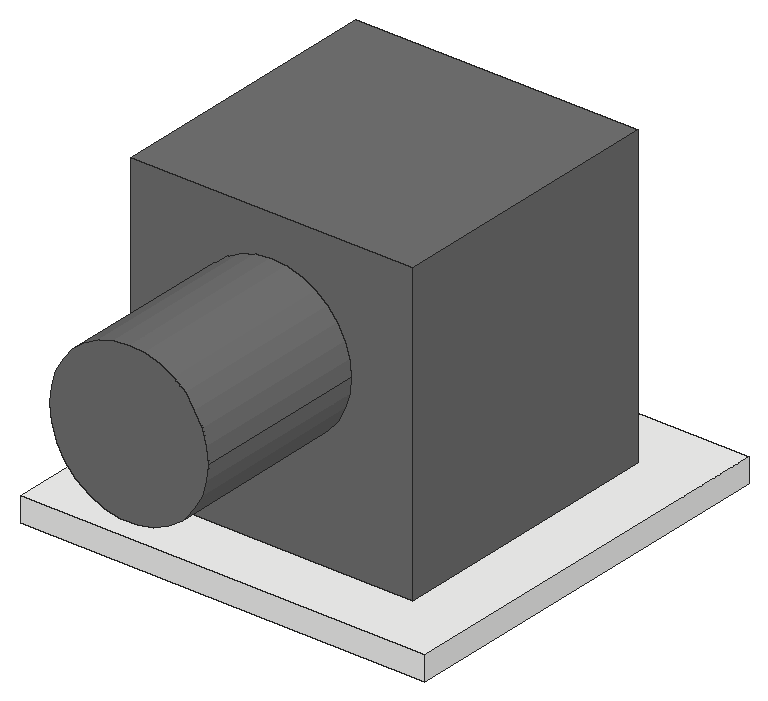
Revit family "vd-10zlcu14-s_50Hz", category 機械設備, Revit 2019
Family settings
  丸型コネクタ寸法 = 直径を使用
  パーツ タイプ = 標準
  OmniClass 番号 = 23.75.35.17.27
  OmniClass タイトル = Centrifugal Fans
  作業面ベース = いいえ
  常に垂直 = はい
  ロード時にボイドで切り取り = いいえ
  共有 = いいえ
  部屋計算ポイント = はい
Parameters (values of type "VD-10ZLCU14-S")
  騒音レベル(dB(A)) [instance] = 23
  風量 [instance] = 90.0 m³/h
  電源種別 [instance] = ""
  電圧 = 100 V
  電動機出力 = 0 W
  電動機_種別 [instance] = ""
  運転質量 = 0.00 kg
  連動 [instance] = ""
  質量 = if(製品質量 > 運転質量, 製品質量, 運転質量) * 1.2  # 1.68 kg
  負荷分類 = 3_ファン類
  説明 = "ダクト用換気扇 低騒音形 24時間換気機能付"
  設計風量 [instance] = 0.0 m³/h
  設置方法 = "天埋"
  記号 [instance] = ""
  製造元 = "三菱電機株式会社"
  製品質量 = 1.40 kg
  製品出荷対象 = "国内"
  製品リリース年月 = "2024年4月1日"
  製品グループ = ""
  系統 [instance] = ""
  符号 [instance] = if(☑給気／□排気, "FS", "FE")  # "FE"
  積算_科目 = "2 換気設備"
  積算_拾い区分 [instance] = ""
  相 = 1
  盤記号 [instance] = ""
  発停方法 [instance] = ""
  特殊仕様 [instance] = ""
  火災停止 [instance] = ""
  消費電力 = 7.2 W
  法定耐用年数 = "15"
  機外静圧 [instance] = 0.0 Pa
  極数 = 2
  材質 [instance] = ""
  操作・制御方式 = ""
  操作・制御スイッチ = ""
  排気量 [instance] = if(☑給気／□排気, 0.0 m³/h, 設計風量)  # 0.0 m³/h
  形式 = "天井埋込ダクト形"
  幹線記号 [instance] = ""
  対象室 [instance] = ""
  実風量 [instance] = 0.0 m³/h
  始動方式 [instance] = "直入"
  外気量 [instance] = if(☑給気／□排気, 設計風量, 0.0 m³/h)  # 0.0 m³/h
  呼称 = "天井扇"
  周波数 = 50 Hz
  参照している仕様書等のバージョン = ""
  分類コード = "50052503100030"
  分類グループ = ""
  価格 = 27800
  企業コード = "108420"
  付属品_防振装置 = ""
  付属品 [instance] = ""
  仕様書バージョン = "Version1.0"
  モデル = "VD-10ZLCU14-S"
  マテリアル = 合成樹脂(黒)
  ファンの種類 = ""
  ダクト径 = 100 mm
  コメント [instance] = ""
  Keynote = ""
  カバーマテリアル = 合成樹脂(白)
  ☑給気／□排気 [instance] = no
  Width = 174 mm
  W1 = 250 mm
  Version = ""
  Uniclass2015Version = "Systems v1.9"
  Uniclass2015Title = "Centrifugal fans"
  Uniclass2015Code = "Pr_65_67_29_12"
  URL = "https://www.mitsubishielectric.co.jp/ldg/wink/qr/002/333569/"
  SpecificationReference = ""
  SpecificationDescription = ""
  Revision = ""
  ProductInformation = ""
  OmniClassCode = "23-33 31 19 11 15"
  MIN風量 = 55.0 m³/h
  MIN静圧 = 0.0 Pa
  MID風量 = 0.0 m³/h
  MID静圧 = 0.0 Pa
  MAX風量 = 90.0 m³/h
  MAX静圧 = 0.0 Pa
  IfcTypeProduct = ""
  IfcProduct = ""
  IfcExportType = "PROPELLORAXIAL"
  IfcExportAs = "IfcFanType"
  Height = 184 mm
  H1 = 15 mm
  EAサイズ_D = 98 mm
  Duct_Height = 110 mm
  Duct_Depth = 110 mm
  Duct_Center = 0 mm
  Depth = 174 mm
  D1 = 250 mm
  Author = "三菱電機株式会社"
Reference planes
  plane 1 "中心(正面/背面)": y = 0
  plane 2: z = 0
  plane 3 "中心(左/右)": x = 0
  plane 4: x = -125
  plane 5: x = 125
  plane 6: y = 125
  plane 7: y = -125
  plane 8: x = -87
  plane 9: x = 87
  plane 10: y = 87
  plane 11: y = -87
  plane 12: y = -197
  plane 13: z = 184
  plane 14: z = -15
  plane 15: z = 110
  plane 16: x = 0
Forms (mm)
  Extrusion 1, solid, material "合成樹脂(黒)" <- "マテリアル", detail levels fine
    sketch origin (0, 0, 0) x (1, 0, 0) y (0, 1, 0)
      loop
        line (-87, 87) -> (-87, -87) -> (87, -87) -> (87, 87) -> (-87, 87)
    from 0 to 184
  Extrusion 2, solid, material "合成樹脂(白)" <- "カバーマテリアル", detail levels fine
    sketch origin (0, 0, 0) x (1, 0, 0) y (0, 1, 0)
      loop
        line (-125, 125) -> (-125, -125) -> (125, -125) -> (125, 125) -> (-125, 125)
    from 0 to -15
  Extrusion 3, solid, material "合成樹脂(黒)" <- "マテリアル", detail levels fine
    sketch origin (0, 0, 0) x (1, 0, 0) y (0, 0, 1)
      loop
        circle (0, 110) r 49
    from 87 to 197
Dimensions and locks
  equal spacing: plane 4, plane 3 "中心(左/右)", plane 5
  "W1": plane 4 to plane 5
  equal spacing: plane 6, plane 1 "中心(正面/背面)", plane 7
  "D1": plane 6 to plane 7
  equal spacing: plane 8, plane 3 "中心(左/右)", plane 9
  "Width": plane 8 to plane 9
  equal spacing: plane 10, plane 1 "中心(正面/背面)", plane 11
  "Depth": plane 10 to plane 11
  "Duct_Depth": plane 11 to plane 12
  "Height": plane 13 to plane 2
  "Duct_Height": plane 15 to plane 2
  "H1": plane 2 to plane 14
  "Duct_Center": plane 3 "中心(左/右)" to plane 16
  "EAサイズ_D": diameter of Extrusion 3 sketch curve
  aligned and locked: level to plane 2
  aligned and locked: plane 5 to Extrusion 2
  aligned and locked: plane 6 to Extrusion 2
  aligned and locked: Extrusion 2 to plane 4
  aligned and locked: Extrusion 2 to plane 7
  aligned and locked: plane 9 to Extrusion 1
  aligned and locked: Extrusion 1 to plane 11
  aligned and locked: Extrusion 1 to plane 8
  aligned and locked: plane 10 to Extrusion 1
  aligned and locked: plane 13 to Extrusion 1
  aligned and locked: Extrusion 2 to plane 14
  aligned and locked: level to Extrusion 2
  aligned and locked: Extrusion 1 to level
  aligned and locked: Extrusion 3 to plane 12
  aligned and locked: plane 11 to Extrusion 3
Automatic sketch dimensions
  Extrusion 1 sketch curve to plane 3 "中心(左/右)" = 87 mm
  plane 3 "中心(左/右)" to Extrusion 1 sketch curve = 87 mm
  Extrusion 2 sketch curve to plane 3 "中心(左/右)" = 125 mm
  plane 3 "中心(左/右)" to Extrusion 2 sketch curve = 125 mm
  plane 1 "中心(正面/背面)" to Extrusion 1 sketch curve = 87 mm
  Extrusion 1 sketch curve to plane 1 "中心(正面/背面)" = 87 mm
  plane 1 "中心(正面/背面)" to Extrusion 2 sketch curve = 125 mm
  Extrusion 2 sketch curve to plane 1 "中心(正面/背面)" = 125 mm
  Extrusion 3 sketch curve to plane 15 = 0 mm
  Extrusion 3 sketch curve to plane 16 = 0 mm
Nested families
  nested 1: "記号_天井換気扇_平面" at (0, 0, 0), type "記号_天井換気扇_平面", detail levels coarse+medium
Connectors
  hvac at (0, -197, 110), driven by "ダクト径", driven by "風量", driven by "機外静圧"
    settings: on Extrusion 3, index 1, duct flow 90.0 m³/h, flow factor 0, pres drop 0.0 Pa, loss coef 0, conn angle 0.00°, conn width 304.8 mm, conn height 304.8 mm, conn diameter 100 mm, duct sys type 3, conn prof type 0, flow config 0, flow direction 2, loss method 4, conn ref index -1, conn util no, is conn primary yes, conn desc ""
  electrical at (0, 0, 184), driven by "極数", driven by "負荷分類", driven by "電圧", driven by "消費電力"
    settings: on Extrusion 1, index 2, voltage 100 V, apparent load 7.2 VA, apparent load phase1 0 VA, apparent load phase2 0 VA, apparent load phase3 0 VA, power factor 1, load classification "3_ファン類", number of poles 2, system type 30, power factor state 1, is connector primary yes, connector utility no, sub classification motor no, connector description ""
Definition of nested family "記号_天井換気扇_平面"
  Reference planes
    plane 1: y = 0
    plane 2: x = 0
  Lines and regions (mm)
    detail lines
      curve 1: line (-2.5, 2.5, 0) -> (2.5, 2.5, 0)
      curve 2: line (-2.5, -2.5, 0) -> (-2.5, 2.5, 0)
      curve 3: line (2.5, -2.5, 0) -> (-2.5, -2.5, 0)
      curve 4: line (2.5, 2.5, 0) -> (2.5, -2.5, 0)
      curve 5: circle (-1.04, -1.04, 0) r 1.46 normal (0, 0, 1)
      curve 6: circle (1.04, 1.04, 0) r 1.46 normal (0, 0, 1)
      curve 7: line (-3.125, 3.125, 0) -> (3.125, 3.125, 0)
      curve 8: line (-3.125, -3.125, 0) -> (-3.125, 3.125, 0)
      curve 9: line (3.125, -3.125, 0) -> (-3.125, -3.125, 0)
      curve 10: line (3.125, 3.125, 0) -> (3.125, -3.125, 0)
      curve 11: circle (1.295, 1.295, 0) r 1.83 normal (0, 0, 1)
      curve 12: circle (-1.295, -1.295, 0) r 1.83 normal (0, 0, 1)
      curve 13: line (-2, 2, 0) -> (2, 2, 0)
      curve 14: line (-2, -2, 0) -> (-2, 2, 0)
      curve 15: line (2, -2, 0) -> (-2, -2, 0)
      curve 16: line (2, 2, 0) -> (2, -2, 0)
      curve 17: circle (0.84, 0.84, 0) r 1.16 normal (0, 0, 1)
      curve 18: circle (-0.84, -0.84, 0) r 1.2 normal (0, 0, 1)
